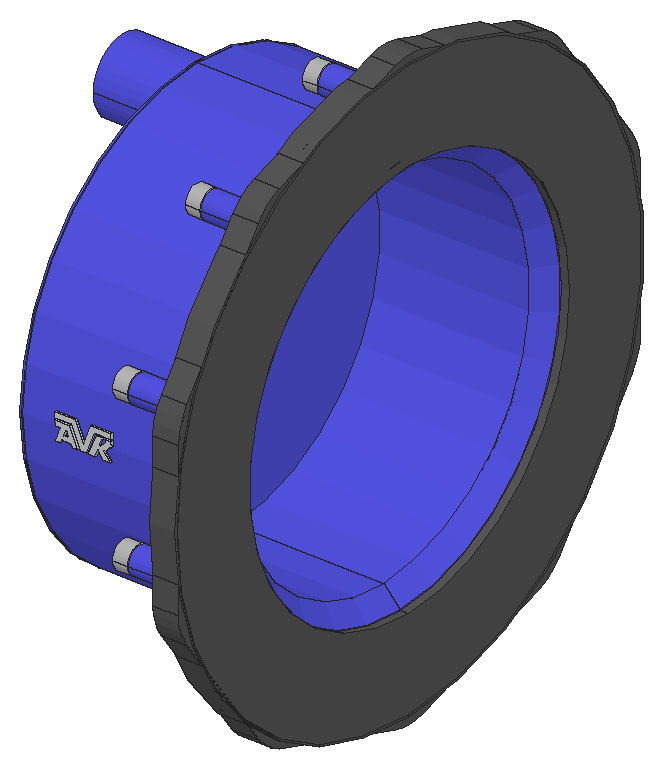
Revit family "634-00-001 DN400", category Pipe Accessories, Revit 2022
Family settings
  Round Connector Dimension = Use Diameter
  Part Type = Valve - Breaks Into
  Work Plane-Based = No
  Always vertical = Yes
  Cut with Voids When Loaded = No
  Shared = No
Parameters (values of type "DN400_PN16_AVK ref. no. 634-442-00-016")
  URL product pages = "https://www.avkvalves.com/P.aspx?no=63407100016"
  Thickness = 0 mm
  Search_table = "634-00-001 DN400"
  S2 = size_lookup(Search_table, "S2", 0 mm, DN) / 2  # 221 mm
  S1 = size_lookup(Search_table, "S1", 0 mm, DN) / 2  # 196 mm
  Radius = size_lookup(Search_table, "Radius", 0 mm, DN)  # 60 mm
  Nut = D2_L * 0.2  # 16.2 mm
  L1 = L * 0.5  # 78.75 mm
  L-L1 = 40.5 mm  # constant formula
  L = size_lookup(Search_table, "L", 0 mm, DN) / 2  # 157.5 mm
  FL_T = size_lookup(Search_table, "FL_T", 0 mm, DN)  # 28 mm
  Description_ = "AVK SUPA MAXI™ END CAP, PN16"
  Default Elevation = 0 mm
  DN400_PN16_AVK ref. no. 634-442-00-036 = "634-356-00-036"
  DN400_PN16_AVK ref. no. 634-442-00-016 = "634-396-00-036"
  DN = 400.1 mm
  D2_L2 = D2_L * 1.3  # 105.3 mm
  D2_L = size_lookup(Search_table, "D2_L", 0 mm, DN)  # 81 mm
  D2 = size_lookup(Search_table, "D2", 0 mm, DN) / 2  # 40.5 mm
  D1_L = size_lookup(Search_table, "D1_L", 0 mm, DN)  # 130 mm
  D12 = Radius * 0.25  # 15 mm
  D11 = D * 0.83  # 274.315 mm
  D1 = size_lookup(Search_table, "D1", 0 mm, DN) / 2  # 240 mm
  D-10 = D - 10 mm  # 320.5 mm
  D = size_lookup(Search_table, "D", 0 mm, DN) / 2  # 330.5 mm
  Bore = DN / 2  # 200.05 mm
  Bolt_L = D2_L - Nut  # 64.8 mm
  2 = 2 mm  # constant formula
  10 = 10 mm  # constant formula
Types (3, lengths in mm): name | DN | Bore
  (no name) | 400.1 | 200.05
  DN400_PN16_AVK ref. no. 634-442-00-016 | 400.1 | 200.05
  DN400_PN16_AVK ref. no. 634-442-00-036 | 400.2 | 200.1
Reference planes
  plane 1 "Center (Front/Back)": y = 0
  plane 2: z = 0
  plane 3 "Center (Left/Right)": x = 0
  plane 4: x = -157.5
  plane 5: z = 330.5
  plane 6: z = -330.5
  plane 7: z = 200.05
  plane 8: z = -200.05
  plane 9: x = 157.5
  plane 10: y = 330.5
  plane 11: y = -330.5
  plane 12: x = 147.5
  plane 13: z = 320.5
  plane 14: x = -78.75
  plane 15: z = 240
  plane 16: x = -77.5
  plane 17: x = -38.25
  plane 18: x = 52.2
  plane 19: z = 221
  plane 20: z = -221
  plane 21: z = -240
  plane 22: through (0, 0, 0.044) normal (0, 0.809, 0.5878)
  plane 23: through (0, 0, 0.044) normal (0, 0.809, -0.5878)
  plane 24: through (0, 0, 0.044) normal (0, 0.309, 0.9511)
  plane 25: through (0, 0, 0.044) normal (0, 0.309, -0.9511)
  plane 26: through (0, 0, 0.044) normal (0, 0.5878, -0.809)
  plane 27: through (0, 0, 0.044) normal (0, 0.5878, 0.809)
  plane 28: through (0, 0, 0.044) normal (0, 0.9511, -0.309)
  plane 29: through (0, 0, 0.044) normal (0, 0.9511, 0.309)
Forms (mm)
  Revolve 1, solid, material "Default Roof"
    sketch origin (0, 0, 0) x (1, 0, 0) y (0, 0, 1)
      loop
        line (147.5, 320.5) -> (129.5, 320.5) -> (76.5, 240) -> (-78.75, 240) -> (-78.75, 201) -> (129.5, 201) -> (147.5, 221) -> (147.5, 320.5)
      axis (-78.75, 0) -> (147.5, 0)
    angle from 0 to 360
  Extrusion 2, solid, material "Default Roof"
    sketch origin (0, 0, 0) x (1, 0, 0) y (0, 1, 0)
      loop
        circle (-107, 0) r 40.5
    from -199.5 to -240
  Extrusion 3, solid, material "Default Roof"
    sketch origin (0, 0, 0) x (0, 1, 0) y (0, 0, 1)
      loop
        circle (0, 199.5) r 40.5
    from -157.5 to -78.75
  Extrusion 4, solid, material "Default Roof"
    sketch origin (157.5, -1524, 1660.765) x (0, 0, 1) y (0, -1, 0)
      loop
        circle (-1660.765, -1524) r 221
    from -195.75 to -193.75
  Extrusion 5, solid, material "Default Wall"
    sketch origin (157.5, -1524, 1660.765) x (0, 0, 1) y (0, -1, 0)
      loop
        circle (-1660.765, -1524) r 221
      loop
        circle (-1660.765, -1524) r 320.5
    from -28 to 0
  Revolve 6, solid, material "Default Wall"
    sketch origin (0, 0, 0) x (1, 0, 0) y (0, 0, 1)
      loop
        line (129.5, 322.5) -> (129.5, 320.5) -> (157.5, 320.5) -> (157.5, 322.5) -> (129.5, 322.5)
      axis (129.5, 0) -> (157.5, 0)
    angle from 0 to 360
  Extrusion 7, solid, material "Default Roof"
    sketch origin (0, 0, 0) x (0, 1, 0) y (0, 0, 1)
      loop
        circle (161.238, -221.882) r 15
      loop
        circle (0, -274.315) r 15
      loop
        circle (-161.238, -221.882) r 15
      loop
        circle (-260.889, -84.724) r 15
      loop
        circle (-260.889, 84.812) r 15
      loop
        circle (-161.238, 221.969) r 15
      loop
        circle (0, 274.315) r 15
      loop
        circle (161.238, 221.969) r 15
      loop
        circle (260.889, 84.812) r 15
      loop
        circle (260.889, -84.724) r 15
    from 68.4 to 129.5
  Extrusion 8, solid, material "Poche"
    sketch origin (0, 0, 0) x (0, 1, 0) y (0, 0, 1)
      loop
        circle (0, 274.315) r 15
      loop
        circle (-161.238, 221.969) r 15
      loop
        circle (-260.889, 84.812) r 15
      loop
        circle (161.238, -221.882) r 15
      loop
        circle (0, -274.315) r 15
      loop
        circle (260.889, -84.724) r 15
      loop
        circle (260.889, 84.812) r 15
      loop
        circle (161.238, 221.969) r 15
      loop
        circle (-161.238, -221.882) r 15
      loop
        circle (-260.889, -84.724) r 15
    from 52.2 to 68.4
  Extrusion 9, solid, material "Default Roof"
    sketch origin (0, 0, 0) x (0, 1, 0) y (0, 0, 1)
      loop
        circle (0, 0) r 240
    from -78.75 to -76.75
  Extrusion 10, solid, material "Default Wall"
    sketch origin (0, 0, 0) x (0, 1, 0) y (0, 0, 1)
      loop
        line (-18.527, 327.568) -> (-177.529, 275.947)
        arc (-177.529, 275.947) -> (-194.263, 267.424) -> (-207.543, 254.146) r 60
        line (-207.543, 254.146) -> (-305.802, 118.9)
        arc (-305.802, 118.9) -> (-314.324, 102.174) -> (-317.261, 83.633) r 60
        line (-317.261, 83.633) -> (-317.261, -83.545)
        arc (-317.261, -83.545) -> (-314.324, -102.086) -> (-305.801, -118.813) r 60
        line (-305.801, -118.813) -> (-207.531, -254.067)
        arc (-207.531, -254.067) -> (-194.263, -267.336) -> (-177.545, -275.858) r 60
        line (-177.545, -275.858) -> (-18.555, -327.559)
        arc (-18.555, -327.559) -> (0, -330.5) -> (18.555, -327.559) r 60
        line (18.555, -327.559) -> (177.545, -275.858)
        arc (177.545, -275.858) -> (194.263, -267.336) -> (207.531, -254.067) r 60
        line (207.531, -254.067) -> (305.801, -118.813)
        arc (305.801, -118.813) -> (314.324, -102.086) -> (317.261, -83.545) r 60
        line (317.261, -83.545) -> (317.261, 83.633)
        arc (317.261, 83.633) -> (314.324, 102.174) -> (305.802, 118.9) r 60
        line (305.802, 118.9) -> (207.543, 254.146)
        arc (207.543, 254.146) -> (194.263, 267.424) -> (177.529, 275.947) r 60
        line (177.529, 275.947) -> (18.527, 327.568)
        arc (18.527, 327.568) -> (0, 330.5) -> (-18.527, 327.568) r 60
      loop
        circle (0, 0) r 221
    from 129.5 to 157.5
Dimensions and locks
  equal spacing: plane 7, level, plane 8
  equal spacing: plane 5, level, plane 6
  equal spacing: plane 9, plane 3 "Center (Left/Right)", plane 4
  equal spacing: plane 10, plane 1 "Center (Front/Back)", plane 11
  "L": plane 3 "Center (Left/Right)" to plane 4
  "D": plane 5 to level
  "Bore": plane 7 to level
  "D": plane 10 to plane 1 "Center (Front/Back)"
  "10": plane 9 to Revolve 1 sketch curve
  "10": plane 5 to Revolve 1 sketch curve
  "10": plane 5 to plane 13
  "10": plane 9 to plane 12
  "L1": plane 3 "Center (Left/Right)" to plane 14
  "FL_T": plane 9 to Revolve 1 sketch curve  (x2)
  "D1": Revolve 1 sketch curve to level
  "D1": level to Extrusion 2
  "D1": plane 15 to level
  "D2": plane 15 to Extrusion 3 sketch curve
  equal spacing: Extrusion 3 sketch curve, plane 1 "Center (Front/Back)", Extrusion 3 sketch curve
  "10": plane 4 to Extrusion 2 sketch curve
  equal spacing: Extrusion 2 sketch curve, plane 1 "Center (Front/Back)", Extrusion 2 sketch curve
  equal spacing: Extrusion 4 sketch curve, plane 1 "Center (Front/Back)", Extrusion 4 sketch curve
  equal spacing: Extrusion 4 sketch curve, level, Extrusion 4 sketch curve
  "D2": Extrusion 4 to plane 14
  "D2": plane 17 to plane 14
  "2": Extrusion 4 to plane 17
  equal spacing: Extrusion 5 sketch curve, plane 1 "Center (Front/Back)", Extrusion 5 sketch curve  (x2)
  equal spacing: Extrusion 5 sketch curve, level, Extrusion 5 sketch curve
  "10": plane 5 to Extrusion 5 sketch curve
  "FL_T": plane 9 to Extrusion 5
  "2": Revolve 6 sketch curve to plane 13
  "FL_T": plane 9 to Revolve 6 sketch curve
  "FL_T": plane 9 to Extrusion 7
  "D2_L": plane 9 to Revolve 1 sketch curve
  plane 9 to plane 4 = 315 mm
  plane 5 to level = 330.5 mm  (x2)
  "S2": Revolve 1 sketch curve to level
  equal spacing: plane 19, level, plane 20
  "S2": level to plane 20
  plane 19 to plane 20 = 442 mm
  equal spacing: Extrusion 9 sketch curve, plane 1 "Center (Front/Back)", Extrusion 9 sketch curve
  equal spacing: Extrusion 9 sketch curve, level, Extrusion 9 sketch curve
  "2": Extrusion 9 to plane 14
  plane 5 to plane 6 = 661 mm
  "D1": level to plane 21
  "D2": Extrusion 2 to plane 21
  "D2_L2": plane 9 to plane 18
  "Nut": Extrusion 7 to plane 18
  "Nut": Extrusion 8 to plane 18
  equal spacing: Extrusion 10 sketch curve, plane 1 "Center (Front/Back)", Extrusion 10 sketch curve  (x3)
  equal spacing: Extrusion 10 sketch curve, plane 22, Extrusion 10 sketch curve  (x2)
  equal spacing: Extrusion 10 sketch curve, plane 24, Extrusion 10 sketch curve  (x2)
  equal spacing: Extrusion 10 sketch curve, plane 25, Extrusion 10 sketch curve  (x2)
  equal spacing: Extrusion 10 sketch curve, plane 23, Extrusion 10 sketch curve  (x2)
  "D": Extrusion 10 sketch curve to level
  "D": plane 26 to Extrusion 10 sketch curve
  "D": plane 27 to Extrusion 10 sketch curve
  "D": Extrusion 10 sketch curve to plane 29
  "D": plane 28 to Extrusion 10 sketch curve
  "D": Extrusion 10 sketch curve to plane 26
  "D": Extrusion 10 sketch curve to plane 27
  "D": plane 29 to Extrusion 10 sketch curve
  "D": Extrusion 10 sketch curve to plane 28
  "D": level to Extrusion 10 sketch curve
  equal spacing: Extrusion 10 sketch curve, level, Extrusion 10 sketch curve
  "FL_T": plane 9 to Extrusion 10
  equal spacing: Extrusion 8 sketch curve, plane 1 "Center (Front/Back)", Extrusion 8 sketch curve  (x2)
  "D11": Extrusion 8 sketch curve to level
  equal spacing: Extrusion 8 sketch curve, plane 22, Extrusion 8 sketch curve  (x2)
  "D11": plane 26 to Extrusion 8 sketch curve
  equal spacing: Extrusion 8 sketch curve, plane 26, Extrusion 8 sketch curve
  equal spacing: Extrusion 8 sketch curve, level, Extrusion 8 sketch curve
  equal spacing: Extrusion 8 sketch curve, plane 24, Extrusion 8 sketch curve  (x2)
  equal spacing: Extrusion 8 sketch curve, plane 28, Extrusion 8 sketch curve
  "D11": plane 28 to Extrusion 8 sketch curve
  equal spacing: Extrusion 8 sketch curve, plane 29, Extrusion 8 sketch curve
  "D11": Extrusion 8 sketch curve to plane 29
  equal spacing: Extrusion 8 sketch curve, plane 27, Extrusion 8 sketch curve
  "D11": plane 27 to Extrusion 8 sketch curve
  equal spacing: Extrusion 8 sketch curve, plane 25, Extrusion 8 sketch curve  (x2)
  equal spacing: Extrusion 8 sketch curve, plane 23, Extrusion 8 sketch curve  (x2)
  "D2": radius of Extrusion 2 sketch curve
  "D2": radius of Extrusion 3 sketch curve
  "S2": radius of Extrusion 4 sketch curve
  "S2": radius of Extrusion 5 sketch curve
  "D1": radius of Extrusion 9 sketch curve
  "Radius": radius of Extrusion 10 sketch curve  (x10)
  "S2": radius of Extrusion 10 sketch curve
  "D12": radius of Extrusion 8 sketch curve  (x10)
  aligned and locked: level to plane 2
  aligned and locked: Revolve 1 sketch curve to level
  aligned and locked: Revolve 1 to plane 14
  aligned and locked: Extrusion 3 to plane 4
  aligned and locked: Extrusion 3 to Revolve 1
  aligned and locked: plane 9 to Extrusion 5
  aligned and locked: plane 13 to Revolve 6 sketch curve
  aligned and locked: Revolve 6 sketch curve to plane 9
  aligned and locked: Revolve 6 sketch curve to level
  aligned and locked: Extrusion 8 to plane 18
  aligned and locked: Extrusion 9 to plane 14
  aligned and locked: plane 9 to Extrusion 10
  aligned and locked: Extrusion 7 sketch curve to Extrusion 8  (x20)
Automatic sketch dimensions
  Revolve 1 sketch curve to plane 14 = 0 mm
  plane 7 to Revolve 1 sketch curve = 0.95 mm
  plane 18 to Revolve 1 sketch curve = 2.524 mm
  plane 9 to Revolve 1 sketch curve = 55 mm
  Extrusion 5 sketch curve to Extrusion 5 sketch curve = 0 mm
  Revolve 6 sketch curve to plane 4 = 150.058 mm
  plane 9 to Revolve 6 sketch curve = 329.942 mm
Nested families
  nested 1: "logo medium-11" at (-7.5, -239.951, -4.869) x (1, 0, 0) z (0, -0.9998, -0.0203), type "logo medium-11"
Connectors
  piping at (157.5, 0, 0), diameter 400.1, driven by "DN"
    settings: on Extrusion 5, index 2, connector inside diameter 609.6 mm, connector length 0 mm, flow factor 0, pipe flow 0.0 L/s, pressure drop 0.0 Pa, fitting loss kfactor 0, connector angle 0.00°, fixture units 0, engagement length 0 mm, angle of deflection 0.00°, flow configuration 0, flow direction 0, fitting loss method 0, system type 7, joint type 0, gender type 0, connector reference index -1, connector utility 0, adjustable connector no, is connector primary yes, connector description ""
  piping at (-78.75, 0, 0), diameter 400.1, driven by "DN"
    settings: on Revolve 1, index 3, connector inside diameter 609.6 mm, connector length 0 mm, flow factor 0, pipe flow 0.0 L/s, pressure drop 0.0 Pa, fitting loss kfactor 0, connector angle 0.00°, fixture units 0, engagement length 0 mm, angle of deflection 0.00°, flow configuration 0, flow direction 0, fitting loss method 0, system type 7, joint type 0, gender type 0, connector reference index -1, connector utility 0, adjustable connector no, is connector primary no, connector description ""
Definition of nested family "logo medium-11"
  Parameters
    Default Elevation = 1219.2 mm
  Reference planes
    plane 1 "Center (Front/Back)": y = 0
    plane 2: z = 0
    plane 3 "Center (Left/Right)": x = 0
  Forms (mm)
    Extrusion 1, solid
      sketch origin (0, 0, 0) x (1, 0, 0) y (0, 1, 0)
        loop
          line (-1219.2, 1219.2) -> (-1219.2, -1219.2) -> (1219.2, -1219.2) -> (1219.2, 1219.2) -> (-1219.2, 1219.2)
      from 0 to -188.781
    Extrusion 2, solid
      sketch origin (0, 0, 0) x (1, 0, 0) y (0, 1, 0)
        loop
          line (-30.911, 14.607) -> (-12.952, 14.607) -> (-3.438, -8.594) -> (3.26, -8.594) -> (12.676, 14.607) -> (30.732, 14.607) -> (30.732, 20.529) -> (7.968, 20.529) -> (0, 0) -> (-8.195, 20.529) -> (-30.911, 20.529) -> (-30.911, 14.607)
        loop
          line (30.732, 6.453) -> (30.732, 12.569) -> (24.908, 12.569)
          arc (24.908, 12.569) -> (22.993, 7.075) -> (17.724, 4.608) r 7.492
          line (17.724, 4.608) -> (20.928, 12.569) -> (14.521, 12.569) -> (5.881, -8.594) -> (12.434, -8.594) -> (15.777, -0.405) -> (21.354, -8.594) -> (29.424, -8.594) -> (22.319, 0.649)
          arc (22.319, 0.649) -> (26.344, 2.972) -> (29.424, 6.453) r 14.456
          line (29.424, 6.453) -> (30.732, 6.453)
        loop
          line (-5.865, -8.594) -> (-14.796, 12.569) -> (-30.911, 12.569) -> (-30.911, 6.453) -> (-25.086, 6.453) -> (-30.911, -8.594) -> (-25.086, -8.594) -> (-23.728, -5.084) -> (-13.656, -5.084) -> (-12.175, -8.594) -> (-5.865, -8.594)
        loop
          line (-18.776, 7.618) -> (-21.494, 0) -> (-15.961, 0) -> (-18.776, 7.618)
      from 0 to 2
  Dimensions and locks
    aligned and locked: plane 2 to Extrusion 1
    aligned and locked: level to Extrusion 1
    aligned and locked: Extrusion 2 sketch curve to import instance  (x36)
